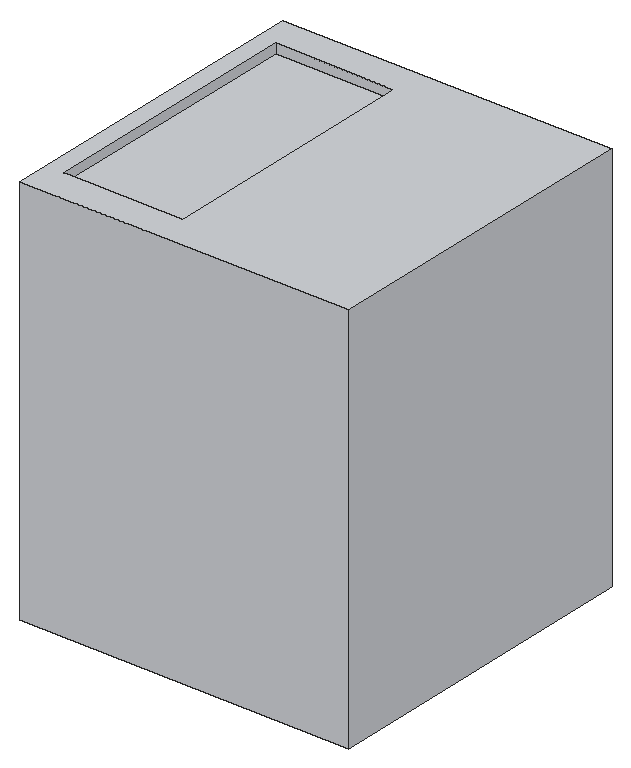
Revit family "6c67ebd010344fca8b9a344531aba1eb", category Mechanical Equipment, Revit 2021
Family settings
  Round Connector Dimension = Use Diameter
  Part Type = Normal
  OmniClass Number = 23.75.35.14
  OmniClass Title = Air Handling Units
  Seek Item ID = Rooftop AHU Mixing Box-0000-USA-ENU
  Work Plane-Based = No
  Always vertical = Yes
  Cut with Voids When Loaded = No
  Shared = No
  Room Calculation Point = No
Parameters (values of type "Filter - 1500 CFM")
  Unit Width = Duct Width 1  # 3' - 0"
  Unit Length = 3' - 0"
  Unit Height = Duct Height 1  # 3' - 7"
  Part Shape = "Rectangular Duct"
  Model = "Outdoor Size 03"
  Duct Width 2 = 29"
  Duct Width 1 = 36"
  Duct Height 2 = 13"
  Duct Height 1 = 43"
  Default Elevation = 0' - 0"
  Air Pressure [instance] = 0.07 in-wg
  Air Flow [instance] = 1500 CFM
Types (20): name | Unit Width | Unit Length | Unit Height | Model | Duct Width 2 | Duct Width 1 | Duct Height 2 | Duct Height 1 | Air Flow
  Filter - 1500 CFM | 3' - 0" | 3' - 0" | 3' - 7" | "Outdoor Size 03" | 29" | 36" | 13" | 43" | 1500 CFM
  Filter - 3000 CFM | 4' - 1" | 3' - 0" | 3' - 7" | "Outdoor Size 06" | 42" | 49" | 16" | 43" | 3000 CFM
  Filter - 4000 CFM | 4' - 9" | 3' - 0" | 3' - 10" | "Outdoor Size 08" | 50" | 57" | 16" | 46" | 4000 CFM
  Filter - 5000 CFM | 5' - 10" | 3' - 0" | 3' - 10" | "Outdoor Size 10" | 63" | 70" | 16" | 46" | 5000 CFM
  Filter - 6000 CFM | 5' - 10" | 3' - 0" | 4' - 5" | "Outdoor Size 12" | 63" | 70" | 16" | 53" | 6000 CFM
  Filter - 7000 CFM | 6' - 3" | 3' - 0" | 4' - 5" | "Outdoor Size 14" | 68" | 75" | 19" | 53" | 7000 CFM
  Filter - 8500 CFM | 6' - 10" | 3' - 0" | 4' - 8" | "Outdoor Size 17" | 75" | 82" | 19" | 56" | 8500 CFM
  Filter - 10500 CFM | 6' - 10" | 3' - 0" | 5' - 6" | "Outdoor Size 21" | 75" | 82" | 22" | 66" | 10500 CFM
  Filter - 12500 CFM | 7' - 5" | 3' - 0" | 5' - 6" | "Outdoor Size 25" | 82" | 89" | 22" | 66" | 12500 CFM
  Filter - 15000 CFM | 8' - 11" | 3' - 0" | 5' - 6" | "Outdoor Size 30" | 100" | 107" | 22" | 66" | 15000 CFM
  10500 CFM | 6' - 10" | 2' - 3" | 5' - 6" | "Outdoor Size 21" | 75" | 82" | 22" | 66" | 10500 CFM
  1500 CFM | 3' - 0" | 1' - 6" | 3' - 7" | "Outdoor Size 03" | 29" | 36" | 13" | 43" | 1500 CFM
  3000 CFM | 4' - 1" | 1' - 9" | 3' - 7" | "Outdoor Size 06" | 42" | 49" | 16" | 43" | 3000 CFM
  4000 CFM | 4' - 9" | 1' - 9" | 3' - 10" | "Outdoor Size 08" | 50" | 57" | 16" | 46" | 4000 CFM
  5000 CFM | 5' - 10" | 1' - 9" | 3' - 10" | "Outdoor Size 10" | 63" | 70" | 16" | 46" | 5000 CFM
  6000 CFM | 5' - 10" | 1' - 9" | 4' - 5" | "Outdoor Size 12" | 63" | 70" | 16" | 53" | 6000 CFM
  7000 CFM | 6' - 3" | 2' - 0" | 4' - 5" | "Outdoor Size 14" | 68" | 75" | 19" | 53" | 7000 CFM
  8500 CFM | 6' - 10" | 2' - 0" | 4' - 8" | "Outdoor Size 17" | 75" | 82" | 19" | 56" | 8500 CFM
  12500 CFM | 7' - 5" | 2' - 3" | 5' - 6" | "Outdoor Size 25" | 82" | 89" | 22" | 66" | 12500 CFM
  15000 CFM | 8' - 11" | 2' - 3" | 5' - 6" | "Outdoor Size 30" | 100" | 107" | 22" | 66" | 15000 CFM
Reference planes (in)
  plane 1 "Center (Front/Back)": y = 0
  plane 2: z = 0
  plane 3 "Center (Left/Right)": x = 0
  plane 4: x = -36
  plane 5: y = 36
  plane 6: z = 43
  plane 7: y = 18
  plane 8: z = 42
  plane 9: z = 1
  plane 10: x = -35
Forms (in)
  Extrusion 1, solid
    sketch origin (0, 0, 0) x (1, 0, 0) y (0, 1, 0)
      loop
        line (-36, 36) -> (-36, 0) -> (0, 0) -> (0, 36) -> (-36, 36)
    from 0 to 43
  Extrusion 2, void
    sketch origin (0, 0, 0) x (1, 0, 0) y (0, 1, 0)
      loop
        line (-34, 32.5) -> (-34, 3.5) -> (-21, 3.5) -> (-21, 32.5) -> (-34, 32.5)
    from 0 to 1
  Extrusion 3, void
    sketch origin (0, 0, 0) x (1, 0, 0) y (0, 1, 0)
      loop
        line (-34, 32.5) -> (-34, 3.5) -> (-21, 3.5) -> (-21, 32.5) -> (-34, 32.5)
    from 42 to 43
  Extrusion 4, void
    sketch origin (0, 0, 0) x (0, 1, 0) y (0, 0, 1)
      loop
        line (32.5, 41) -> (3.5, 41) -> (3.5, 28) -> (32.5, 28) -> (32.5, 41)
    from -36 to -35
  Extrusion 5, void
    sketch origin (0, 0, 0) x (0, 1, 0) y (0, 0, 1)
      loop
        line (32.5, 18) -> (3.5, 18) -> (3.5, 5) -> (32.5, 5) -> (32.5, 18)
    from -36 to -35
Cuts and joins
  Extrusion 2, Extrusion 3, Extrusion 4, Extrusion 5 cuts Extrusion 1
Dimensions and locks (in)
  "Unit Width": plane 5 to plane 1 "Center (Front/Back)"
  "Unit Length": plane 4 to plane 3 "Center (Left/Right)"
  "Unit Height": plane 6 to plane 2
  equal spacing: plane 5, plane 7, plane 1 "Center (Front/Back)"
  locked: plane 4 to Extrusion 2 sketch curve at 2
  "Duct Height 2": Extrusion 2 sketch curve to Extrusion 2 sketch curve
  equal spacing: Extrusion 2 sketch curve, plane 7, Extrusion 2 sketch curve
  "Duct Width 2": Extrusion 2 sketch curve to Extrusion 2 sketch curve
  locked: plane 4 to Extrusion 3 sketch curve at 2
  "Duct Height 2": Extrusion 3 sketch curve to Extrusion 3 sketch curve
  equal spacing: Extrusion 3 sketch curve, plane 7, Extrusion 3 sketch curve
  "Duct Width 2": Extrusion 3 sketch curve to Extrusion 3 sketch curve
  locked: plane 10 to plane 4 at 1
  locked: plane 6 to plane 8 at 1
  locked: plane 9 to plane 2 at 1
  locked: Extrusion 4 sketch curve to plane 6 at 2
  "Duct Height 2": Extrusion 4 sketch curve to Extrusion 4 sketch curve
  equal spacing: Extrusion 4 sketch curve, plane 7, Extrusion 4 sketch curve
  "Duct Width 2": Extrusion 4 sketch curve to Extrusion 4 sketch curve
  locked: Extrusion 5 sketch curve to plane 2 at 5
  "Duct Height 2": Extrusion 5 sketch curve to Extrusion 5 sketch curve
  equal spacing: Extrusion 5 sketch curve, plane 7, Extrusion 5 sketch curve
  "Duct Width 2": Extrusion 5 sketch curve to Extrusion 5 sketch curve
  aligned and locked: plane 4 to Extrusion 1 sketch curve
  aligned and locked: Extrusion 1 sketch curve to plane 5
  aligned and locked: plane 1 "Center (Front/Back)" to Extrusion 1 sketch curve
  aligned and locked: Extrusion 1 sketch curve to plane 3 "Center (Left/Right)"
  aligned and locked: Extrusion 1 to plane 2
  aligned and locked: plane 6 to Extrusion 1
  aligned and locked: plane 6 to Extrusion 3
  aligned and locked: Extrusion 3 to plane 8
  aligned and locked: Extrusion 2 to plane 2
  aligned and locked: plane 9 to Extrusion 2
  aligned and locked: Extrusion 4 to plane 4
  aligned and locked: plane 10 to Extrusion 4
  aligned and locked: Extrusion 5 to plane 4
  aligned and locked: plane 10 to Extrusion 5
Connectors (in)
  hvac at (0, 18, 21.5), driven by "Air Pressure", driven by "Air Flow", driven by "Duct Height 1", driven by "Duct Width 1"
    settings: on cut or joined group of Extrusion 1, Extrusion 2, Extrusion 3, Extrusion 4, Extrusion 5, index 1, duct flow 1500 CFM, flow factor 0, pres drop 0.07 in-wg, loss coef 0, conn angle 0.00°, conn width 36", conn height 43", conn diameter 24", duct sys type 1, conn prof type 1, flow config 0, flow direction 2, loss method 4, conn ref index -1, conn util no, is conn primary yes, conn desc ""
  hvac at (-27.5, 18, 42), driven by "Duct Height 2", driven by "Duct Width 2"
    settings: on cut or joined group of Extrusion 1, Extrusion 2, Extrusion 3, Extrusion 4, Extrusion 5, index 2, duct flow 0 CFM, flow factor 0, pres drop 0.00 in-wg, loss coef 0, conn angle 0.00°, conn width 29", conn height 13", conn diameter 24", duct sys type 29, conn prof type 1, flow config 0, flow direction 1, loss method 4, conn ref index -1, conn util no, is conn primary no, conn desc ""
  hvac at (-35, 18, 34.5), driven by "Duct Height 2", driven by "Duct Width 2"
    settings: on cut or joined group of Extrusion 1, Extrusion 2, Extrusion 3, Extrusion 4, Extrusion 5, index 3, duct flow 0 CFM, flow factor 0, pres drop 0.00 in-wg, loss coef 0, conn angle 0.00°, conn width 29", conn height 13", conn diameter 24", duct sys type 29, conn prof type 1, flow config 0, flow direction 1, loss method 4, conn ref index -1, conn util no, is conn primary no, conn desc ""
  hvac at (-35, 18, 11.5), driven by "Duct Height 2", driven by "Duct Width 2"
    settings: on cut or joined group of Extrusion 1, Extrusion 2, Extrusion 3, Extrusion 4, Extrusion 5, index 4, duct flow 0 CFM, flow factor 0, pres drop 0.00 in-wg, loss coef 0, conn angle 0.00°, conn width 29", conn height 13", conn diameter 24", duct sys type 29, conn prof type 1, flow config 0, flow direction 1, loss method 4, conn ref index -1, conn util no, is conn primary no, conn desc ""
  hvac at (-27.5, 18, 1), driven by "Duct Height 2", driven by "Duct Width 2"
    settings: on cut or joined group of Extrusion 1, Extrusion 2, Extrusion 3, Extrusion 4, Extrusion 5, index 5, duct flow 0 CFM, flow factor 0, pres drop 0.00 in-wg, loss coef 0, conn angle 0.00°, conn width 29", conn height 13", conn diameter 24", duct sys type 29, conn prof type 1, flow config 0, flow direction 1, loss method 4, conn ref index -1, conn util no, is conn primary no, conn desc ""
